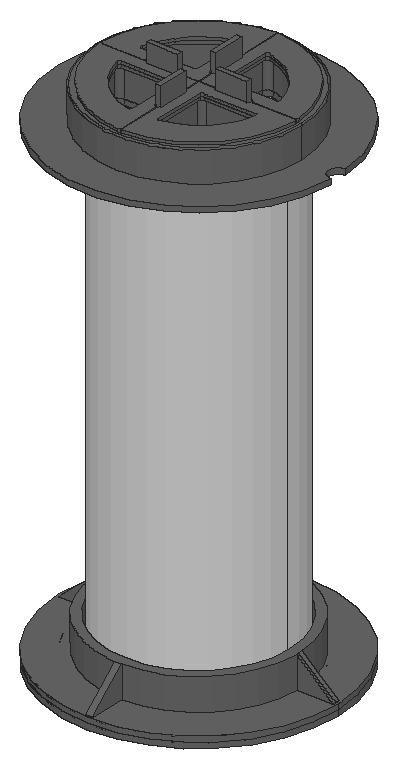
Revit family "Pedestal-System_DHS-Fixt-Pedestal_AWS", category Generic Models, Revit 2026
Family settings
  Can host rebar = No
  Round Connector Dimension = Use Diameter
  Part Type = Normal
  Work Plane-Based = No
  Always vertical = Yes
  Cut with Voids When Loaded = No
  Maintain Annotation Orientation = No
  Shared = No
  Room Calculation Point = No
Parameters
  URL = "https://paradigmwindows.com/"
  SDR 35 4" PVC HEIGHT [instance] = 1' - 0"
  Product Page URL = "https://www.arcat.com/company/appian-way-sales-inc-48786"
  Materials = Black
  Manufacturer = "Appian Way"  # constant formula
  Keynote = "07 76 00"
  Default Elevation = 0' - 0"
  Copyright = "@ARCAT"  # constant formula
Reference planes (in)
  plane 1 "Center (Front/Back)": y = 0
  plane 2: z = 0
  plane 3 "Center (Left/Right)": x = 0
  plane 4: x = -2.444
  plane 5: x = 2.444
  plane 6: z = 0.23236
  plane 7: z = 0.36236
  plane 8: z = 11.61236
  plane 9: z = 12.48736
  plane 10: z = 12.36236
Dimensions and locks (in)
  plane 7 to plane 6 to level = 0' - 0.13" locked, 0' - 0.23236" locked
  "SDR 35 4" PVC HEIGHT": plane 10 to plane 7
  locked: plane 9 to plane 8 at 0.875
  locked: plane 9 to plane 10 at 0.125
  aligned and locked: plane 2 to level
  aligned and locked: plane 3 "Center (Left/Right)" to nested 1
  aligned and locked: plane 1 "Center (Front/Back)" to nested 1
  aligned and locked: plane 6 to nested 1
  aligned and locked: plane 1 "Center (Front/Back)" to nested 2
  aligned and locked: plane 3 "Center (Left/Right)" to nested 2
  aligned and locked: plane 7 to nested 2
  aligned and locked: plane 1 "Center (Front/Back)" to nested 3
  aligned and locked: plane 3 "Center (Left/Right)" to nested 3
  aligned and locked: plane 7 to nested 3
  aligned and locked: plane 1 "Center (Front/Back)" to nested 4
  aligned and locked: plane 3 "Center (Left/Right)" to nested 4
  aligned and locked: plane 8 to nested 4
  aligned and locked: plane 9 to nested 7
  aligned and locked: plane 9 to nested 5
  aligned and locked: nested 8 to plane 9
  aligned and locked: nested 6 to plane 9
Nested families (in)
  nested 1: "Buffer Pad" at (0, 0, 0.23236), type "Buffer Pad"
  nested 2: "DHS BOTTOM CAP" at (0, 0, 0.36236), type "DHS BOTTOM CAP"
  nested 3: "SDR 35 4inch PVC" at (0, 0, 0.36236), type "SDR 35 4inch PVC"
    with Pipe Height 1' - 0"
  nested 4: "DHS FIXT HEAD" at (0, 0, 11.61236), type "DHS FIXT HEAD"
  nested 5: "TOP SHIM" at (0, 0, 12.54986), type "1/16" TOP SHIM"
  nested 6: "TOP SHIM" at (0, 0, 12.54986) x (-1, 0, 0) z (0, 0, 1), type "1/16" TOP SHIM"
  nested 7: "TOP SHIM" at (0, 0, 12.54986), type "1/16" TOP SHIM"
  nested 8: "TOP SHIM" at (0, 0, 12.54986) x (-1, 0, 0) z (0, 0, 1), type "1/16" TOP SHIM"
Definition of nested family "Buffer Pad"
  Parameters (values of type "Buffer Pad")
    Head Materials = none
    Default Elevation = 0' - 0"
  Reference planes (in)
    plane 1 "Center (Front/Back)": y = 0
    plane 2: z = 0
    plane 3 "Center (Left/Right)": x = 0
    plane 4: x = -2.444
    plane 5: x = 2.444
  Forms (in)
    Extrusion 1, solid, material <- "Head Materials"
      sketch origin (0, 0, 0) x (1, 0, 0) y (0, 1, 0)
        loop
          circle (0, 0) r 3.3125
      from 0 to 0.13
    Extrusion 2, solid, material <- "Head Materials"
      sketch origin (0, 0, 0) x (1, 0, 0) y (0, 1, 0)
        loop
          circle (0, 0) r 2.57083
        loop
          circle (0, 0) r 2.49917
      from 0.125 to 0.175
  Dimensions and locks (in)
    aligned and locked: plane 2 to level
Definition of nested family "DHS BOTTOM CAP"
  Parameters (values of type "DHS BOTTOM CAP")
    Head Materials = none
    Default Elevation = 0' - 0"
  Reference planes (in)
    plane 1 "Center (Front/Back)": y = 0
    plane 2: z = 0
    plane 3 "Center (Left/Right)": x = 0
    plane 4: x = -2.444
    plane 5: x = 2.444
  Forms (in)
    Extrusion 1, solid, material <- "Head Materials"
      sketch origin (0, 0, 0) x (1, 0, 0) y (0, 1, 0)
        loop
          circle (0, 0) r 3.3125
        loop
          circle (0, 0) r 1.815
      from 0 to 0.13
    Extrusion 2, solid, material <- "Head Materials"
      sketch origin (0, 0, 0) x (1, 0, 0) y (0, 1, 0)
        loop
          circle (0, 0) r 2.38536
        loop
          circle (0, 0) r 2.17017
      from 0 to 0.88
    Extrusion 3, solid, material <- "Head Materials"
      sketch origin (0, 0, 0) x (1, 0, 0) y (0, 1, 0)
        loop
          circle (0, 0) r 1.96233
        loop
          circle (0, 0) r 1.815
      from 0 to 1.252
    Extrusion 4, solid, material <- "Head Materials"
      sketch origin (0, 0, 0) x (1, 0, 0) y (0, 1, 0)
        loop
          line (-2.29881, 0.07789) -> (-3.25, 0.07789) -> (-3.25, -0.07789) -> (-2.29881, -0.07789) -> (-2.29881, 0.07789)
        loop
          line (2.29881, 0.07789) -> (2.29881, -0.07789) -> (3.25, -0.07789) -> (3.25, 0.07789) -> (2.29881, 0.07789)
        loop
          line (-0.07789, -2.29881) -> (-0.07789, -3.25) -> (0.07789, -3.25) -> (0.07789, -2.29881) -> (-0.07789, -2.29881)
        loop
          line (-0.07789, 2.29881) -> (0.07789, 2.29881) -> (0.07789, 3.25) -> (-0.07789, 3.25) -> (-0.07789, 2.29881)
      from 0 to 0.88
    Sweep 5, void
      path in 3D
        loop
          arc (2.38536, 0, 0.88) -> (0, -2.38536, 0.88) -> (-2.38536, 0, 0.88) r 2.38536
          arc (-2.38536, 0, 0.88) -> (0, 2.38536, 0.88) -> (2.38536, 0, 0.88) r 2.38536
      profile origin (0, 2.38536, 0.88) x (0, 1, 0) y (0, 0, 1)
        loop
          line (0.88027, -0.76355) -> (0.88027, 0.01562) -> (-0.01801, 0.01563) -> (0.88027, -0.76355)
    Extrusion 6, void
      sketch origin (0, 0, 0) x (1, 0, 0) y (0, 1, 0)
        loop
          circle (0, 0) r 2.6
        loop
          circle (0, 0) r 2.45
      from 0 to 0.08
  Cuts and joins
    Sweep 5 cuts Extrusion 4
    joined: Extrusion 2, Extrusion 4
    Extrusion 6 cuts Extrusion 1
  Lines and regions (in)
    sketch lines
      curve 1: arc (-2.38536, 0, 0.88) -> (0, 2.38536, 0.88) -> (2.38536, 0, 0.88) r 2.38536
      curve 2: arc (2.38536, 0, 0.88) -> (0, -2.38536, 0.88) -> (-2.38536, 0, 0.88) r 2.38536
  Dimensions and locks (in)
    aligned and locked: plane 2 to level
Definition of nested family "SDR 35 4inch PVC"
  Parameters (values of type "SDR 35 4inch PVC")
    Pipe Size = 0' - 4"
    Pipe Outer Size = Pipe Size + 0' 0 27/128"  # 0' - 4 27/128"
    Pipe Height = 0' - 9"
    PIPE MATERIAL = none
    Default Elevation = 0' - 0"
  Reference planes (in)
    plane 1 "Center (Front/Back)": y = 0
    plane 2: z = 0
    plane 3 "Center (Left/Right)": x = 0
    plane 4: x = -2.444
    plane 5: x = 2.444
    plane 6: z = 9
  Forms (in)
    Extrusion 1, solid, material <- "PIPE MATERIAL"
      sketch origin (0, 0, 0) x (1, 0, 0) y (0, 1, 0)
        loop
          circle (0, 0) r 2.10547
        loop
          circle (0, 0) r 2
      from 0 to 9
  Dimensions and locks (in)
    "Pipe Height": plane 6 to plane 2
    "Pipe Outer Size": diameter of Extrusion 1 sketch curve
    "Pipe Size": diameter of Extrusion 1 sketch curve
    aligned and locked: plane 2 to level
    aligned and locked: plane 3 "Center (Left/Right)" to Extrusion 1 sketch curve
    aligned and locked: plane 1 "Center (Front/Back)" to Extrusion 1 sketch curve
    aligned and locked: plane 6 to Extrusion 1
    aligned and locked: Extrusion 1 to plane 2
  Automatic sketch dimensions
    Extrusion 1 sketch curve to Extrusion 1 sketch curve = 0' - 0"  (x2)
Definition of nested family "DHS FIXT HEAD"
  Parameters (values of type "DHS FIXT HEAD")
    Head Materials = none
    Default Elevation = 0' - 0"
  Reference planes (in)
    plane 1 "Center (Front/Back)": y = 0
    plane 2: z = 0
    plane 3 "Center (Left/Right)": x = 0
    plane 4: x = -2.444
    plane 5: x = 2.444
  Forms (in)
    Extrusion 1, solid, material <- "Head Materials"
      sketch origin (0, 0, 0) x (1, 0, 0) y (0, 1, 0)
        loop
          arc (3.30486, 0.22487) -> (-3.3125, 0) -> (3.30486, -0.22487) r 3.3125
          arc (3.30486, -0.22487) -> (3.0875, 0) -> (3.30486, 0.22487) r 0.225
        loop
          arc (-0.40405, 1.69115) -> (-1.22948, 1.22948) -> (-1.69115, 0.40405) r 1.73875
          arc (-1.69115, 0.40405) -> (-1.6677, 0.29756) -> (-1.56957, 0.25) r 0.125
          line (-1.56957, 0.25) -> (-0.375, 0.25)
          arc (-0.375, 0.25) -> (-0.28661, 0.28661) -> (-0.25, 0.375) r 0.125
          line (-0.25, 0.375) -> (-0.25, 1.56957)
          arc (-0.25, 1.56957) -> (-0.29756, 1.6677) -> (-0.40405, 1.69115) r 0.125
        loop
          arc (0.25, 0.375) -> (0.28661, 0.28661) -> (0.375, 0.25) r 0.125
          line (0.375, 0.25) -> (1.56957, 0.25)
          arc (1.56957, 0.25) -> (1.6677, 0.29756) -> (1.69115, 0.40405) r 0.125
          arc (1.69115, 0.40405) -> (1.22948, 1.22948) -> (0.40405, 1.69115) r 1.73875
          arc (0.40405, 1.69115) -> (0.29756, 1.6677) -> (0.25, 1.56957) r 0.125
          line (0.25, 1.56957) -> (0.25, 0.375)
        loop
          arc (0.375, -0.25) -> (0.28661, -0.28661) -> (0.25, -0.375) r 0.125
          line (0.25, -0.375) -> (0.25, -1.56957)
          arc (0.25, -1.56957) -> (0.29756, -1.6677) -> (0.40405, -1.69115) r 0.125
          arc (0.40405, -1.69115) -> (1.22948, -1.22948) -> (1.69115, -0.40405) r 1.73875
          arc (1.69115, -0.40405) -> (1.6677, -0.29756) -> (1.56957, -0.25) r 0.125
          line (1.56957, -0.25) -> (0.375, -0.25)
        loop
          arc (-1.56957, -0.25) -> (-1.6677, -0.29756) -> (-1.69115, -0.40405) r 0.125
          arc (-1.69115, -0.40405) -> (-1.22948, -1.22948) -> (-0.40405, -1.69115) r 1.73875
          arc (-0.40405, -1.69115) -> (-0.29756, -1.6677) -> (-0.25, -1.56957) r 0.125
          line (-0.25, -1.56957) -> (-0.25, -0.375)
          arc (-0.25, -0.375) -> (-0.28661, -0.28661) -> (-0.375, -0.25) r 0.125
          line (-0.375, -0.25) -> (-1.56957, -0.25)
      from 0 to 0.13
    Extrusion 2, solid, material <- "Head Materials"
      sketch origin (0, 0, 0) x (1, 0, 0) y (0, 1, 0)
        loop
          circle (0, 0) r 2.444
        loop
          arc (-1.69115, 0.40405) -> (-1.6677, 0.29756) -> (-1.56957, 0.25) r 0.125
          line (-1.56957, 0.25) -> (-0.375, 0.25)
          arc (-0.375, 0.25) -> (-0.28661, 0.28661) -> (-0.25, 0.375) r 0.125
          line (-0.25, 0.375) -> (-0.25, 1.56957)
          arc (-0.25, 1.56957) -> (-0.29756, 1.6677) -> (-0.40405, 1.69115) r 0.125
          arc (-0.40405, 1.69115) -> (-1.22948, 1.22948) -> (-1.69115, 0.40405) r 1.73875
        loop
          arc (0.25, 0.375) -> (0.28661, 0.28661) -> (0.375, 0.25) r 0.125
          line (0.375, 0.25) -> (1.56957, 0.25)
          arc (1.56957, 0.25) -> (1.6677, 0.29756) -> (1.69115, 0.40405) r 0.125
          arc (1.69115, 0.40405) -> (1.22948, 1.22948) -> (0.40405, 1.69115) r 1.73875
          arc (0.40405, 1.69115) -> (0.29756, 1.6677) -> (0.25, 1.56957) r 0.125
          line (0.25, 1.56957) -> (0.25, 0.375)
        loop
          arc (0.375, -0.25) -> (0.28661, -0.28661) -> (0.25, -0.375) r 0.125
          line (0.25, -0.375) -> (0.25, -1.56957)
          arc (0.25, -1.56957) -> (0.29756, -1.6677) -> (0.40405, -1.69115) r 0.125
          arc (0.40405, -1.69115) -> (1.22948, -1.22948) -> (1.69115, -0.40405) r 1.73875
          arc (1.69115, -0.40405) -> (1.6677, -0.29756) -> (1.56957, -0.25) r 0.125
          line (1.56957, -0.25) -> (0.375, -0.25)
        loop
          arc (-1.56957, -0.25) -> (-1.6677, -0.29756) -> (-1.69115, -0.40405) r 0.125
          arc (-1.69115, -0.40405) -> (-1.22948, -1.22948) -> (-0.40405, -1.69115) r 1.73875
          arc (-0.40405, -1.69115) -> (-0.29756, -1.6677) -> (-0.25, -1.56957) r 0.125
          line (-0.25, -1.56957) -> (-0.25, -0.375)
          arc (-0.25, -0.375) -> (-0.28661, -0.28661) -> (-0.375, -0.25) r 0.125
          line (-0.375, -0.25) -> (-1.56957, -0.25)
      from 0.13 to 0.875
    Extrusion 3, solid, material <- "Head Materials"
      sketch origin (0, 0, 0) x (1, 0, 0) y (0, 1, 0)
        loop
          line (-1.194, 0.05875) -> (-1.194, -0.05875) -> (-0.444, -0.05875) -> (-0.444, 0.05875) -> (-1.194, 0.05875)
        loop
          line (1.194, 0.05875) -> (0.444, 0.05875) -> (0.444, -0.05875) -> (1.194, -0.05875) -> (1.194, 0.05875)
        loop
          line (0.05875, 1.194) -> (-0.05875, 1.194) -> (-0.05875, 0.444) -> (0.05875, 0.444) -> (0.05875, 1.194)
        loop
          line (0.05875, -1.194) -> (0.05875, -0.444) -> (-0.05875, -0.444) -> (-0.05875, -1.194) -> (0.05875, -1.194)
      from 0.875 to 1.375
    Sweep 4, void
      path in 3D
        loop
          arc (2.444, 0, 0.875) -> (0, -2.444, 0.875) -> (-2.444, 0, 0.875) r 2.444
          arc (-2.444, 0, 0.875) -> (0, 2.444, 0.875) -> (2.444, 0, 0.875) r 2.444
      profile origin (0, 2.444, 0.875) x (0, 1, 0) y (0, 0, 1)
        loop
          line (0, 0) -> (-0.03223, 0)
          arc (-0.03223, 0) -> (-0.00944, -0.00944) -> (0, -0.03223) r 0.03223
          line (0, -0.03223) -> (0, 0)
  Cuts and joins
    Sweep 4 cuts Extrusion 2
  Lines and regions (in)
    sketch lines
      curve 1: arc (-2.444, 0, 0.875) -> (0, 2.444, 0.875) -> (2.444, 0, 0.875) r 2.444
      curve 2: arc (2.444, 0, 0.875) -> (0, -2.444, 0.875) -> (-2.444, 0, 0.875) r 2.444
  Dimensions and locks (in)
    aligned and locked: plane 2 to level
Definition of nested family "TOP SHIM"
  Parameters (values of type "1/16" TOP SHIM")
    Pipe Size = 0' - 4"
    Pipe Outer Size = Pipe Size + 0' 0 27/128"  # 0' - 4 27/128"
    Pipe Height = 0' - 0 1/16"
    Head Materials = none
    Default Elevation = 0' - 0"
  Reference planes (in)
    plane 1 "Center (Front/Back)": y = 0
    plane 2: z = 0
    plane 3 "Center (Left/Right)": x = 0
    plane 4: z = -0.0625
    plane 5: z = -0.13955
  Forms (in)
    Extrusion 1, solid, material <- "Head Materials"
      sketch origin (0, 0, 0) x (1, 0, 0) y (0, 1, 0)
        loop
          arc (-0.05323, 2.33427) -> (-1.62355, 1.62355) -> (-2.33427, 0.05323) r 2.444
          arc (-2.33427, 0.05323) -> (-2.32086, 0.01581) -> (-2.28438, 0) r 0.05
          line (-2.28438, 0) -> (-1.29546, 0)
          arc (-1.29546, 0) -> (-1.27633, 0.00381) -> (-1.26011, 0.01464) r 0.05
          line (-1.26011, 0.01464) -> (-1.22189, 0.05286)
          arc (-1.22189, 0.05286) -> (-1.20567, 0.06369) -> (-1.18654, 0.0675) r 0.05
          line (-1.18654, 0.0675) -> (-0.44421, 0.0675)
          arc (-0.44421, 0.0675) -> (-0.42508, 0.06369) -> (-0.40886, 0.05286) r 0.05
          line (-0.40886, 0.05286) -> (-0.37064, 0.01464)
          arc (-0.37064, 0.01464) -> (-0.35442, 0.00381) -> (-0.33529, 0) r 0.05
          line (-0.33529, 0) -> (-0.05, 0)
          arc (-0.05, 0) -> (-0.01464, 0.01464) -> (0, 0.05) r 0.05
          line (0, 0.05) -> (0, 0.33529)
          arc (0, 0.33529) -> (-0.00381, 0.35442) -> (-0.01464, 0.37064) r 0.05
          line (-0.01464, 0.37064) -> (-0.05286, 0.40886)
          arc (-0.05286, 0.40886) -> (-0.06369, 0.42508) -> (-0.0675, 0.44421) r 0.05
          line (-0.0675, 0.44421) -> (-0.0675, 1.18654)
          arc (-0.0675, 1.18654) -> (-0.06369, 1.20567) -> (-0.05286, 1.22189) r 0.05
          line (-0.05286, 1.22189) -> (-0.01464, 1.26011)
          arc (-0.01464, 1.26011) -> (-0.00381, 1.27633) -> (0, 1.29546) r 0.05
          line (0, 1.29546) -> (0, 2.28438)
          arc (0, 2.28438) -> (-0.01581, 2.32086) -> (-0.05323, 2.33427) r 0.05
        loop
          arc (-1.64701, 0.37061) -> (-1.63666, 0.32521) -> (-1.5947, 0.305) r 0.05366
          line (-1.5947, 0.305) -> (-0.35781, 0.305)
          arc (-0.35781, 0.305) -> (-0.32047, 0.32047) -> (-0.305, 0.35781) r 0.05281
          line (-0.305, 0.35781) -> (-0.305, 1.57959)
          arc (-0.305, 1.57959) -> (-0.32732, 1.626) -> (-0.3775, 1.63752) r 0.05939
          arc (-0.3775, 1.63752) -> (-1.19501, 1.1872) -> (-1.64701, 0.37061) r 1.6835
      from 0 to -0.0625
    Extrusion 2, solid, material <- "Head Materials"
      sketch origin (0, 0, 0) x (1, 0, 0) y (0, 1, 0)
        loop
          arc (-0.39827, 1.68919) -> (-1.22875, 1.23121) -> (-1.69529, 0.4055) r 1.7385
          arc (-1.69529, 0.4055) -> (-1.67296, 0.29936) -> (-1.57637, 0.25) r 0.12587
          line (-1.57637, 0.25) -> (-0.37398, 0.25)
          arc (-0.37398, 0.25) -> (-0.28631, 0.28631) -> (-0.25, 0.37398) r 0.12398
          line (-0.25, 0.37398) -> (-0.25, 1.57134)
          arc (-0.25, 1.57134) -> (-0.2957, 1.66604) -> (-0.39827, 1.68919) r 0.12097
        loop
          arc (-1.64701, 0.37061) -> (-1.63666, 0.32521) -> (-1.5947, 0.305) r 0.05366
          line (-1.5947, 0.305) -> (-0.35781, 0.305)
          arc (-0.35781, 0.305) -> (-0.32047, 0.32047) -> (-0.305, 0.35781) r 0.05281
          line (-0.305, 0.35781) -> (-0.305, 1.57959)
          arc (-0.305, 1.57959) -> (-0.32732, 1.626) -> (-0.3775, 1.63752) r 0.05939
          arc (-0.3775, 1.63752) -> (-1.19501, 1.1872) -> (-1.64701, 0.37061) r 1.6835
      from -0.0625 to -0.13955
  Dimensions and locks (in)
    "Pipe Height": plane 2 to plane 4
    locked: plane 4 to plane 5 at 0.07705
    aligned and locked: plane 2 to level
    aligned and locked: plane 4 to Extrusion 1
    aligned and locked: Extrusion 2 to plane 4
    aligned and locked: Extrusion 2 to plane 5
  Automatic sketch dimensions
    plane 1 "Center (Front/Back)" to Extrusion 1 sketch curve = 0' - 0"  (x2)
    Extrusion 1 sketch curve to plane 3 "Center (Left/Right)" = 0' - 0"  (x2)
    Extrusion 1 sketch curve to plane 3 "Center (Left/Right)" = 0' - 0.01464"  (x2)
    Extrusion 1 sketch curve to plane 3 "Center (Left/Right)" = 0' - 0.0175"  (x2)
    Extrusion 1 sketch curve to plane 3 "Center (Left/Right)" = 0' - 0.05"  (x2)
    Extrusion 1 sketch curve to Extrusion 1 sketch curve = 0' - 0.03536"  (x7)
    Extrusion 1 sketch curve to Extrusion 1 sketch curve = 0' - 0.05"  (x2)
    Extrusion 1 sketch curve to Extrusion 1 sketch curve = 0' - 0.01464"
    Extrusion 1 sketch curve to plane 1 "Center (Front/Back)" = 0' - 0.01464"  (x2)
    Extrusion 1 sketch curve to plane 1 "Center (Front/Back)" = 0' - 0.05286"  (x2)
    Extrusion 1 sketch curve to Extrusion 1 sketch curve = 0' - 0.03821"  (x4)
    Extrusion 1 sketch curve to plane 1 "Center (Front/Back)" = 0' - 0.0175"
    Extrusion 1 sketch curve to Extrusion 1 sketch curve = 0' - 0.74233"
    Extrusion 1 sketch curve to Extrusion 1 sketch curve = 0' - 0"  (x2)
    Extrusion 1 sketch curve to Extrusion 1 sketch curve = 0' - 0.28529"  (x2)
    Extrusion 1 sketch curve to Extrusion 1 sketch curve = 0' - 0.98892"  (x2)
    plane 3 "Center (Left/Right)" to Extrusion 1 sketch curve = 0' - 0.10462"
    plane 1 "Center (Front/Back)" to Extrusion 1 sketch curve = 0' - 0.10462"
    Extrusion 2 sketch curve to Extrusion 2 sketch curve = 0' - 0"  (x4)
    Extrusion 2 sketch curve to plane 1 "Center (Front/Back)" = 0' - 0.35866"
    Extrusion 2 sketch curve to plane 3 "Center (Left/Right)" = 0' - 1.5947"
    Extrusion 2 sketch curve to Extrusion 2 sketch curve = 0' - 0.01833"
    Extrusion 2 sketch curve to Extrusion 2 sketch curve = 0' - 0.02173"
    Extrusion 2 sketch curve to plane 1 "Center (Front/Back)" = 0' - 0 1/4"
    Extrusion 2 sketch curve to plane 3 "Center (Left/Right)" = 0' - 0.37398"
    Extrusion 2 sketch curve to plane 3 "Center (Left/Right)" = 0' - 0.37097"
    Extrusion 2 sketch curve to Extrusion 2 sketch curve = 0' - 0.00657"
    Extrusion 2 sketch curve to Extrusion 2 sketch curve = 0' - 0.01617"
    Extrusion 2 sketch curve to Extrusion 2 sketch curve = 0' - 0.05281"
    Extrusion 2 sketch curve to Extrusion 2 sketch curve = 0' - 0.055"
    Extrusion 2 sketch curve to plane 3 "Center (Left/Right)" = 0' - 0.00582"
    plane 1 "Center (Front/Back)" to Extrusion 2 sketch curve = 0' - 0.00444"
    Extrusion 2 sketch curve to Extrusion 2 sketch curve = 0' - 0.05366"
    Extrusion 2 sketch curve to Extrusion 2 sketch curve = 0' - 0.01717"
    Extrusion 2 sketch curve to Extrusion 2 sketch curve = 0' - 1.19737"
    Extrusion 2 sketch curve to Extrusion 2 sketch curve = 0' - 0.00825"
    Extrusion 1 sketch curve to plane 3 "Center (Left/Right)" = 0' - 0.36439"
    Extrusion 1 sketch curve to plane 3 "Center (Left/Right)" = 0' - 0.00582"
    plane 1 "Center (Front/Back)" to Extrusion 1 sketch curve = 0' - 0.00444"
    Extrusion 1 sketch curve to Extrusion 1 sketch curve = 0' - 0.28413"
    Extrusion 1 sketch curve to Extrusion 1 sketch curve = 0' - 0 45/128"
    Extrusion 1 sketch curve to Extrusion 1 sketch curve = 0' - 0.01311"
    Extrusion 1 sketch curve to Extrusion 1 sketch curve = 0' - 0.0864"
    Extrusion 1 sketch curve to Extrusion 1 sketch curve = 0' - 0.05231"
    Extrusion 1 sketch curve to Extrusion 1 sketch curve = 0' - 0.05366"
    Extrusion 1 sketch curve to Extrusion 1 sketch curve = 0' - 0.05281"
